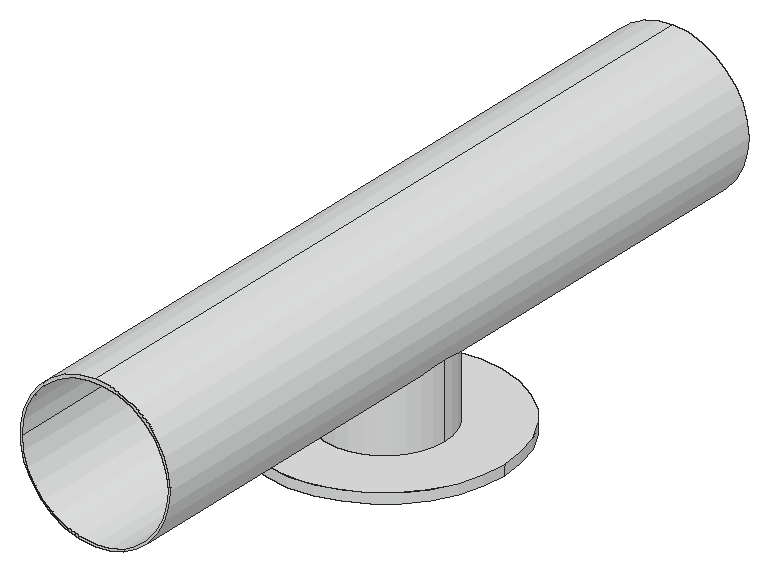
Revit family "Lighting-Wall Mount-Amerlux-Finch", category Lighting Fixtures, host Face, Revit 2020
Family settings
  Host = Face
  Round Connector Dimension = Use Diameter
  Part Type = Normal
  Cut with Voids When Loaded = No
  Light Source = Yes
  Shared = No
  Room Calculation Point = No
Parameters
  Wattage = 9.2903 W
  built-in parameter 1150110 = 1 (stored number, unit not read)
  Voltage = 0 V
  Uplight [instance] = yes
  URL = "http://www.amerlux.com/"
  built-in parameter 1114217 = 1 (stored number, unit not read)
  Tilt Angle = -90.00°
  built-in parameter 1150109 = 1 (stored number, unit not read)
  built-in parameter 1150134 = 3
  built-in parameter 1150113 = 1 (stored number, unit not read)
  Power Factor = 1
  Photometric Web File = "Load File"
  Number of Poles = 1
  built-in parameter 1150142 = (empty or 0)
  Model = "Finch"
  Manufacturer = "Amerlux"
  built-in parameter 1150105 = 109.82 (stored number, unit not read)
  Lumens = 1380 lm
  built-in parameter 1150115 = 1 (stored number, unit not read)
  built-in parameter 1150137 = (empty or 0)
  built-in parameter 1150139 = (empty or 0)
  built-in parameter 1150112 = 1 (stored number, unit not read)
  built-in parameter 1150114 = 1 (stored number, unit not read)
  built-in parameter 1150132 = (empty or 0)
  built-in parameter 1150102 = (empty or 0)
  built-in parameter 1150107 = 3200 (stored number, unit not read)
  built-in parameter 1150138 = (empty or 0)
  built-in parameter 1150106 = 1.0982 (stored number, unit not read)
  Height = 0' - 6"
  Fixture Finish = Aluminum Finish
  Emit from Circle Diameter = 0' - 1 1/4"
  Emit Shape Visible in Rendering = no
  built-in parameter 1150104 = 13.8 (stored number, unit not read)
  Dimming Lamp Color Temperature Shift = <None>
  Description = "Wall Mount"
  Default Elevation = 4' - 0"
  Color Filter = 16777215
  built-in parameter 1114218 = 1 (stored number, unit not read)
  built-in parameter 1150133 = 10 (stored number, unit not read)
  Apparent Load = 0 VA
Reference planes (in)
  plane 1 "Center (Front/Back)": y = 0
  plane 2: z = 0
  plane 3 "Center (Left/Right)": x = 0
  plane 4: z = 0
  plane 5: z = 24
  plane 6: y = 3
  plane 7: y = -3
  plane 8: x = -1.73065
  plane 9: x = 1.73065
  plane 10: z = 0.4375
Forms (in)
  Extrusion 1, solid, material "Aluminum Finish"
    sketch origin (0, -19.5, 1.0625) x (0, 0, -1) y (-1, 0, 0)
      loop
        circle (0, 0) r 0.625
    from 16.5 to 22.5
  Extrusion 2, solid, material "Aluminum Finish"
    sketch origin (0, 0, 0) x (1, 0, 0) y (0, 1, 0)
      loop
        circle (0, 0) r 0.5
    from 0 to 1.05804
  Extrusion 3, solid, material "Aluminum Finish"
    sketch origin (0, 0, 0) x (1, 0, 0) y (0, 1, 0)
      loop
        circle (0, 0) r 1
    from 0 to 0.08238
  Extrusion 4, void
    sketch origin (0, 0, 0) x (1, 0, 0) y (0, 0, 1)
      loop
        circle (0, 1.05804) r 0.60504
    from 1.49865 to 3
  Extrusion 5, void
    sketch origin (0, 0, 0) x (1, 0, 0) y (0, 0, -1)
      loop
        circle (0, -1.05804) r 0.60504
    from 1.49865 to 3
Cuts and joins
  Extrusion 4, Extrusion 5 cuts Extrusion 1
Dimensions and locks (in)
  plane 4 to host face = 0' - 0"
  equal spacing: plane 6, plane 1 "Center (Front/Back)", plane 7
  "Height": plane 6 to plane 7
  diameter of Extrusion 1 sketch curve = 0' - 1 1/4"
  aligned and locked: plane 2 to host face
  aligned and locked: level to host face
  aligned and locked: plane 3 "Center (Left/Right)" to imposter light
  aligned and locked: plane 6 to Extrusion 1
  aligned and locked: Extrusion 1 to plane 7
  aligned and locked: Extrusion 1 to Extrusion 4
Automatic sketch dimensions
  host sketch curve to host sketch curve = 8' - 0"  (x2)
  Extrusion 1 sketch curve to plane 3 "Center (Left/Right)" = 0' - 0"
  plane 10 to Extrusion 1 sketch curve = 0' - 0 5/8"
  plane 1 "Center (Front/Back)" to Extrusion 2 sketch curve = 0' - 0"
  Extrusion 2 sketch curve to plane 3 "Center (Left/Right)" = 0' - 0"
  plane 1 "Center (Front/Back)" to Extrusion 3 sketch curve = 0' - 0"
  Extrusion 3 sketch curve to plane 3 "Center (Left/Right)" = 0' - 0"
  Extrusion 4 sketch curve to plane 3 "Center (Left/Right)" = 0' - 0"
  plane 10 to Extrusion 4 sketch curve = 0' - 0.62054"
  Extrusion 5 sketch curve to plane 3 "Center (Left/Right)" = 0' - 0"
  plane 10 to Extrusion 5 sketch curve = 0' - 0.62054"
  radius of Extrusion 2 sketch curve = 0' - 0 1/2"
  radius of Extrusion 3 sketch curve = 0' - 1"
  radius of Extrusion 4 sketch curve = 0' - 0.60504"
  radius of Extrusion 5 sketch curve = 0' - 0.60504"
Nested families (in)
  nested 1: "Family1" at (0, -3, -52.94196) x (0, -1, 0) z (0, 0, 1), visible <- "Uplight", type "Family1"
Connectors (in)
  electrical at (0, 0, 0), driven by "Number of Poles", driven by "Voltage", driven by "Power Factor"
    settings: on Extrusion 3, index 1, voltage 0 V, apparent load 0 VA, apparent load phase1 0 VA, apparent load phase2 0 VA, apparent load phase3 0 VA, power factor 1, load classification "Other", number of poles 1, system type 31, power factor state 1, is connector primary yes, connector utility no, sub classification motor no, connector description ""
Definition of nested family "Family1"
  Parameters (values of type "Family1")
    Wattage = 9.2903 W
    built-in parameter 1150110 = 1 (stored number, unit not read)
    built-in parameter 1114217 = 1 (stored number, unit not read)
    Tilt Angle = -90.00°
    built-in parameter 1150109 = 1 (stored number, unit not read)
    built-in parameter 1150134 = 3
    built-in parameter 1150113 = 1 (stored number, unit not read)
    Photometric Web File = "generic"
    built-in parameter 1150142 = (empty or 0)
    built-in parameter 1150105 = 109.82 (stored number, unit not read)
    Lumens = 1380 lm
    built-in parameter 1150115 = 1 (stored number, unit not read)
    built-in parameter 1150137 = (empty or 0)
    built-in parameter 1150139 = (empty or 0)
    built-in parameter 1150112 = 1 (stored number, unit not read)
    built-in parameter 1150114 = 1 (stored number, unit not read)
    built-in parameter 1150132 = (empty or 0)
    built-in parameter 1150102 = (empty or 0)
    built-in parameter 1150107 = 3200 (stored number, unit not read)
    built-in parameter 1150138 = (empty or 0)
    built-in parameter 1150106 = 1.0982 (stored number, unit not read)
    Emit from Circle Diameter = 0' - 1 1/4"
    Emit Shape Visible in Rendering = no
    built-in parameter 1150104 = 13.8 (stored number, unit not read)
    Dimming Lamp Color Temperature Shift = (empty or 0)
    Default Elevation = 0' - 0"
    Color Filter = 16777215
    built-in parameter 1114218 = 1 (stored number, unit not read)
    built-in parameter 1150133 = 10 (stored number, unit not read)
  Reference planes (in)
    plane 1 "Light Source Axis (F/B)": y = 0
    plane 2: z = 0
    plane 3 "Light Source Axis (L/R)": x = 0
    plane 4 "Light Source Elevation": z = 54
  Dimensions and locks (in)
    aligned and locked: level to plane 2
